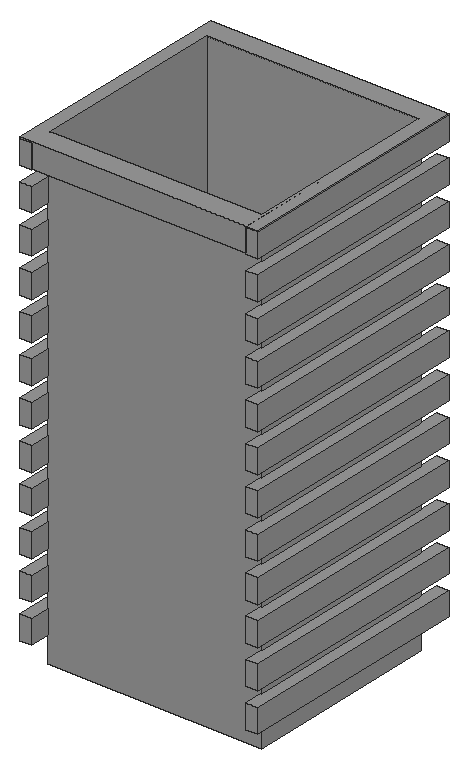
Revit family "Урна для раздельного сбора мусора «Титания» Арт 14865", category Антураж, Revit 2018
Family settings
  На основе рабочей плоскости = Нет
  Всегда вертикально = Да
  При загрузке вырезать с полостями = Нет
  Источник визуального образа = Геометрия семейства
  Общий = Нет
  Точка расчета площади = Нет
Parameters (values of type "Урна для раздельного сбора мусора «Титания»")
  Ширина = 400 mm  # constant formula
  Цвет урны = Синий
  Цвет отделки = Дерево
  Описание = "Урна для раздельного сбора мусора «Титания». 1 секция"  # constant formula
  Материал изделия = "Сталь, дерево"  # constant formula
  Изображение типоразмера = Урна для раздельного сбора мусора «Титания» Арт 14865.jpg
  Изготовитель = "ООО «Хоббика»"  # constant formula
  Длина = 400 mm  # constant formula
  Группа модели = "Уличные урн"  # constant formula
  Высота = 800 mm  # constant formula
  Артикул товара = "Арт. 14865"  # constant formula
  URL = "https://hobbyka.ru/product/urna_dlya_razdelnogo_sbora_musora_titaniya/"
Reference planes
  plane 1 "По центру (Вперед/Назад)": y = 0
  plane 2: z = 0
  plane 3 "По центру (Влево/Вправо)": x = 0
  plane 4: x = 400
  plane 5: y = 400
  plane 6: z = 800
Forms (mm)
  Extrusion 1, solid, material "Синий" <- "Цвет урны"
    sketch origin (0, 0, 0) x (1, 0, 0) y (0, 1, 0)
      loop
        line (20, 367) -> (20, 33) -> (380, 33) -> (380, 367) -> (20, 367)
    from 0 to 2
  Extrusion 2, solid, material "Синий" <- "Цвет урны"
    sketch origin (0, 0, 0) x (1, 0, 0) y (0, 1, 0)
      loop
        line (20, 367) -> (20, 33) -> (380, 33) -> (380, 367) -> (20, 367)
      loop
        line (22, 365) -> (22, 35) -> (378, 35) -> (378, 365) -> (22, 365)
    from 2 to 760
  Extrusion 3, solid, material "Синий" <- "Цвет урны"
    sketch origin (0, 0, 0) x (1, 0, 0) y (0, 1, 0)
      loop
        line (22, 365) -> (22, 35) -> (378, 35) -> (378, 365) -> (22, 365)
      loop
        line (20, 400) -> (20, 0) -> (380, 0) -> (380, 400) -> (20, 400)
    from 760 to 798
  Extrusion 4, solid, material "Синий" <- "Цвет урны"
    sketch origin (0, 0, 0) x (1, 0, 0) y (0, 1, 0)
      loop
        line (0, 400) -> (0, 0) -> (400, 0) -> (400, 400) -> (0, 400)
      loop
        line (22, 365) -> (22, 35) -> (378, 35) -> (378, 365) -> (22, 365)
    from 798 to 800
  Extrusion 5, solid, material "Дерево" <- "Цвет отделки"
    sketch origin (0, 0, 0) x (1, 0, 0) y (0, 0, 1)
      loop
        line (20, 798) -> (0, 798) -> (0, 758) -> (20, 758) -> (20, 798)
      loop
        line (20, 733) -> (0, 733) -> (0, 693) -> (20, 693) -> (20, 733)
      loop
        line (20, 668) -> (0, 668) -> (0, 628) -> (20, 628) -> (20, 668)
      loop
        line (20, 603) -> (0, 603) -> (0, 563) -> (20, 563) -> (20, 603)
      loop
        line (20, 538) -> (0, 538) -> (0, 498) -> (20, 498) -> (20, 538)
      loop
        line (20, 473) -> (0, 473) -> (0, 433) -> (20, 433) -> (20, 473)
      loop
        line (20, 408) -> (0, 408) -> (0, 368) -> (20, 368) -> (20, 408)
      loop
        line (20, 343) -> (0, 343) -> (0, 303) -> (20, 303) -> (20, 343)
      loop
        line (20, 278) -> (0, 278) -> (0, 238) -> (20, 238) -> (20, 278)
      loop
        line (20, 213) -> (0, 213) -> (0, 173) -> (20, 173) -> (20, 213)
      loop
        line (20, 148) -> (0, 148) -> (0, 108) -> (20, 108) -> (20, 148)
      loop
        line (20, 83) -> (0, 83) -> (0, 43) -> (20, 43) -> (20, 83)
      loop
        line (380, 798) -> (380, 758) -> (400, 758) -> (400, 798) -> (380, 798)
      loop
        line (380, 733) -> (380, 693) -> (400, 693) -> (400, 733) -> (380, 733)
      loop
        line (380, 668) -> (380, 628) -> (400, 628) -> (400, 668) -> (380, 668)
      loop
        line (380, 603) -> (380, 563) -> (400, 563) -> (400, 603) -> (380, 603)
      loop
        line (380, 538) -> (380, 498) -> (400, 498) -> (400, 538) -> (380, 538)
      loop
        line (380, 473) -> (380, 433) -> (400, 433) -> (400, 473) -> (380, 473)
      loop
        line (380, 408) -> (380, 368) -> (400, 368) -> (400, 408) -> (380, 408)
      loop
        line (380, 343) -> (380, 303) -> (400, 303) -> (400, 343) -> (380, 343)
      loop
        line (380, 278) -> (380, 238) -> (400, 238) -> (400, 278) -> (380, 278)
      loop
        line (380, 213) -> (380, 173) -> (400, 173) -> (400, 213) -> (380, 213)
      loop
        line (380, 148) -> (380, 108) -> (400, 108) -> (400, 148) -> (380, 148)
      loop
        line (380, 83) -> (380, 43) -> (400, 43) -> (400, 83) -> (380, 83)
    from 0 to -400
Cuts and joins
  joined: Extrusion 1, Extrusion 2, Extrusion 3, Extrusion 4
Dimensions and locks
  "Длина": plane 3 "По центру (Влево/Вправо)" to plane 4
  "Ширина": plane 5 to plane 1 "По центру (Вперед/Назад)"
  "Высота": plane 6 to plane 2
  aligned and locked: level to plane 2
Automatic sketch dimensions
  Extrusion 1 sketch curve to plane 1 "По центру (Вперед/Назад)" = 33 mm
  plane 3 "По центру (Влево/Вправо)" to Extrusion 1 sketch curve = 20 mm
  Extrusion 1 sketch curve to plane 4 = 20 mm
  Extrusion 1 sketch curve to plane 5 = 33 mm
  Extrusion 3 sketch curve to plane 5 = 0 mm
  plane 3 "По центру (Влево/Вправо)" to Extrusion 3 sketch curve = 20 mm
  Extrusion 3 sketch curve to plane 4 = 20 mm
  Extrusion 3 sketch curve to Extrusion 3 sketch curve = 2 mm  (x2)
  Extrusion 3 sketch curve to Extrusion 3 sketch curve = 35 mm
  Extrusion 3 sketch curve to plane 1 "По центру (Вперед/Назад)" = 35 mm
  plane 1 "По центру (Вперед/Назад)" to Extrusion 3 sketch curve = 0 mm
  Extrusion 5 sketch curve to plane 3 "По центру (Влево/Вправо)" = 0 mm  (x12)
  Extrusion 5 sketch curve to plane 4 = 0 mm  (x12)
  plane 3 "По центру (Влево/Вправо)" to Extrusion 5 sketch curve = 20 mm  (x12)
  Extrusion 5 sketch curve to Extrusion 5 sketch curve = 20 mm  (x12)
  Extrusion 5 sketch curve to plane 6 = 2 mm  (x2)
  Extrusion 5 sketch curve to plane 6 = 42 mm
  Extrusion 5 sketch curve to Extrusion 5 sketch curve = 40 mm  (x23)
  Extrusion 5 sketch curve to Extrusion 5 sketch curve = 25 mm  (x22)
  plane 1 "По центру (Вперед/Назад)" to Extrusion 4 sketch curve = 0 mm
  Extrusion 4 sketch curve to plane 3 "По центру (Влево/Вправо)" = 0 mm
  Extrusion 4 sketch curve to plane 4 = 0 mm
  Extrusion 4 sketch curve to plane 5 = 0 mm
  plane 3 "По центру (Влево/Вправо)" to Extrusion 4 sketch curve = 22 mm
  Extrusion 4 sketch curve to plane 4 = 22 mm
  Extrusion 4 sketch curve to plane 1 "По центру (Вперед/Назад)" = 35 mm
  Extrusion 4 sketch curve to plane 5 = 35 mm
  plane 3 "По центру (Влево/Вправо)" to Extrusion 2 sketch curve = 20 mm
  plane 3 "По центру (Влево/Вправо)" to Extrusion 2 sketch curve = 22 mm
  Extrusion 2 sketch curve to plane 4 = 22 mm
  Extrusion 2 sketch curve to plane 4 = 20 mm
  Extrusion 2 sketch curve to plane 1 "По центру (Вперед/Назад)" = 33 mm
  Extrusion 2 sketch curve to plane 1 "По центру (Вперед/Назад)" = 35 mm
  Extrusion 2 sketch curve to plane 5 = 35 mm
  Extrusion 2 sketch curve to Extrusion 2 sketch curve = 2 mm
